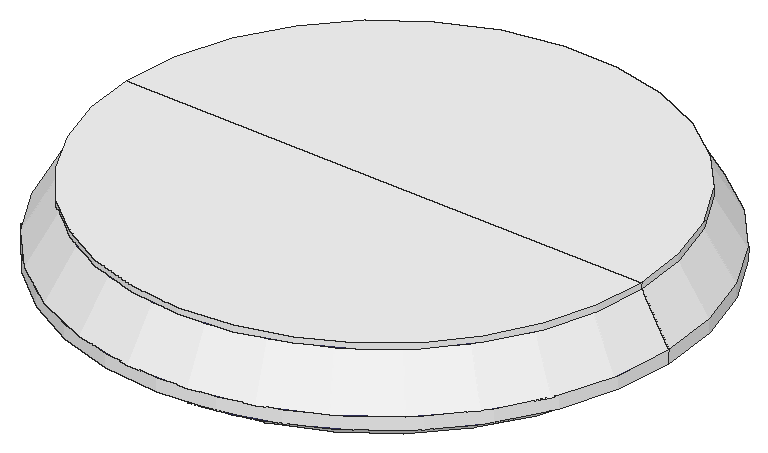
Revit family "400_ISR_TTN_multifunctioneel_opbouwarmatuur", category Lighting Fixtures, Revit 2013
Parameters
  platte_kap = yes
  bolle_kap = not(platte_kap)  # no
  Wattage Comments = "TC-S 1 of 2 x 7 Watt, TC-S 1 of 2 x 9 Watt, TC-S 1 of 2 x 11 Watt,TC-L 1 of 2 x 18 Watt, LED 6,9 Watt, LED 12 Watt"
  Wattage = 16.1571 W
  built-in parameter 1150110 = 1 (stored number, unit not read)
  URL = "http://www.lightronics.nl/nl/products/item/257-ttn.html"
  built-in parameter 1114217 = 1 (stored number, unit not read)
  Tilt Angle = 90.00°
  built-in parameter 1150109 = 1 (stored number, unit not read)
  built-in parameter 1150134 = (empty or 0)
  built-in parameter 1150113 = 1 (stored number, unit not read)
  Photometric Web File = "TTN-LLM4-2-12-350-D-OL-1192-230-X-ZL.ies"
  Model = "LOD400"
  Manufacturer = "Lightronics"
  Lumens = 2400 lm
  built-in parameter 1150115 = 1 (stored number, unit not read)
  built-in parameter 1150105 = 190.99 (stored number, unit not read)
  Load Classification = Other
  built-in parameter 1150137 = (empty or 0)
  built-in parameter 1150139 = (empty or 0)
  built-in parameter 1150112 = 1 (stored number, unit not read)
  built-in parameter 1150114 = 1 (stored number, unit not read)
  Lamp = "TC-S, TC-L, LED"
  built-in parameter 1150132 = 2
  built-in parameter 1150102 = (empty or 0)
  built-in parameter 1150138 = (empty or 0)
  built-in parameter 1150107 = 3000 (stored number, unit not read)
  built-in parameter 1150106 = 1.9099 (stored number, unit not read)
  Emit from Circle Diameter = 609.6 mm
  Emit Shape Visible in Rendering = no
  built-in parameter 1150104 = 13.8 (stored number, unit not read)
  Dimming Lamp Color Temperature Shift = (empty or 0)
  Description = "TTN"
  Color Filter = 16777215
  built-in parameter 1114218 = 1 (stored number, unit not read)
  built-in parameter 1150133 = 10 (stored number, unit not read)
  Apparent Load = 0 VA
Reference planes
  plane 1 "Light Source Axis (F/B)": y = 0
  plane 2: z = 0
  plane 3 "Light Source Axis (L/R)": x = 0
  plane 4 "Light Source Elevation": z = 0
Forms (mm)
  Revolve 1, solid, material "ISR_polycarbonaat", detail levels fine
    sketch origin (0, 0, 0) x (1, 0, 0) y (0, 0, 1)
      loop
        line (-158.5, 0) -> (-158.5, -3.5) -> (-175, -31.5) -> (-175, -39) -> (-159, -49.5) -> (0, -49.5) -> (0, 0) -> (-158.5, 0)
      axis (0, 0) -> (0, -49.5)
    angle from 0 to 360
  Revolve 2, solid, material "Glass", visible <- "platte_kap", detail levels fine
    sketch origin (0, 0, -49.5) x (1, 0, 0) y (0, 0, 1)
      loop
        arc (-159, 0) -> (-83.414, -37.572) -> (0, -50.5) r 275.557
        line (0, -50.5) -> (0, 0) -> (-159, 0)
      axis (0, 0) -> (0, -50.5)
    angle from 0 to 360
  Revolve 3, solid, material "Glass", visible <- "bolle_kap", detail levels fine
    sketch origin (-30, 0, -49.5) x (1, 0, 0) y (0, 0, 1)
      loop
        arc (-129, 0) -> (-58.223, -56.38) -> (30, -76.5) r 203.485
        line (30, -76.5) -> (30, 0) -> (-129, 0)
      axis (30, 0) -> (30, -76.5)
    angle from 0 to 360
Lines and regions (mm)
  symbolic lines, detail levels coarse+medium
    curve 1: circle (0, 0, 0) r 175 normal (0, 0, -1)
Dimensions and locks
  aligned and locked: plane 3 "Light Source Axis (L/R)" to imposter light
  aligned and locked: plane 1 "Light Source Axis (F/B)" to imposter light
  aligned and locked: plane 4 "Light Source Elevation" to imposter light
  aligned and locked: plane 2 to level
Connectors
  electrical at (0, 0, 0), driven by "Apparent Load", driven by "Load Classification"
    settings: on Revolve 1, index 1, voltage 230 V, apparent load 0 VA, apparent load phase1 0 VA, apparent load phase2 0 VA, apparent load phase3 0 VA, power factor 1, load classification "Other", number of poles 1, system type 31, power factor state 1, is connector primary yes, connector utility no, sub classification motor no, connector description ""
